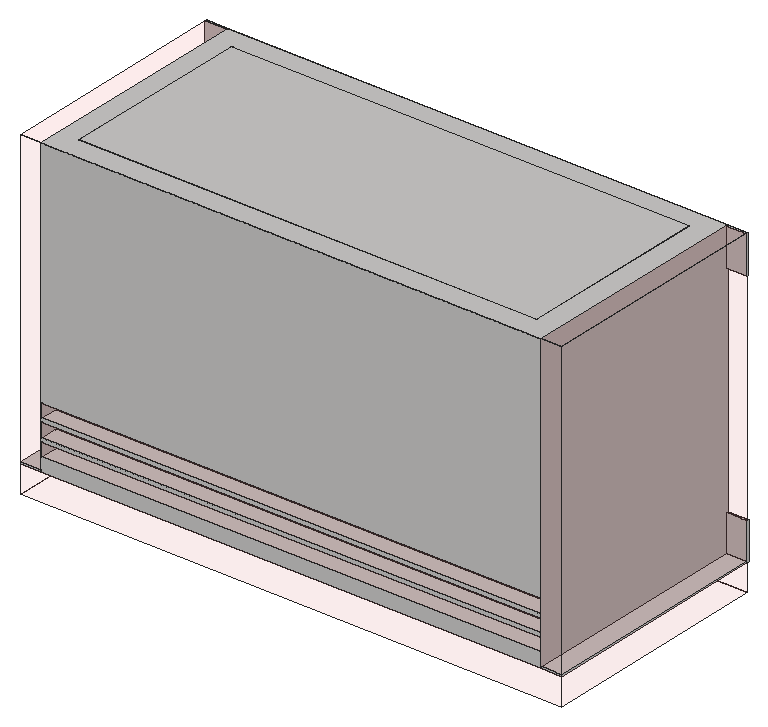
Revit family "Air-Curtain_Industrial_PoweredAire_Unheated", category Mechanical Equipment, host Face, Revit 2022
Family settings
  Host = Face
  Round Connector Dimension = Use Diameter
  Part Type = Normal
  OmniClass Number = 23.75.35.17.21
  OmniClass Title = Air Curtains
  Cut with Voids When Loaded = No
  Maintain Annotation Orientation = No
  Shared = No
  Room Calculation Point = No
Parameters
  topbrackets [instance] = and(Unit Height = 1' 4 3/4", Unit Depth = 1' 9 1/4")  # yes
  Warranty Duration (Years) = 0
  Unit Width Notes = "Other Widths available."  # constant formula
  Unit Width = 3' - 3"
  Unit Weight = 0
  Unit Height = 1' - 4 3/4"
  Unit Depth = 1' - 9 1/4"
  URL = "http://www.poweredaire.com/"
  Test Data = ""
  Standards Conformance = "as Specified"
  Specification = "http://www.arcat.com/sdspecs/htm04/23_34_33pai.htm"
  SpecWizard = ""
  Sound Pressure = "as Specified"
  Sales Information = "http://www.poweredaire.com/contact_us"
  Revision = "R1_2016-08"
  Projection from Host [instance] = 0' - 2"
  Product Properties = ""
  Product Data = "http://www.arcat.com/arcatcos/cos47/arc47623.html"
  Power Rating = 0 W
  Nozzle Width = if(1 = 1, Unit Width - 0' 3", 0' 0")  # 3' - 0"
  Mounting Width = if(1 = 1, Unit Width - 0' 1 1/2", 0' 0")  # 3' - 1 1/2"
  Mounting Height [instance] = 3' - 6"
  Motor RPM = 0
  Motor HP = 0
  Motor Count = 0
  Model = "As Specified"
  Max Height = 0' - 0"
  Manufacturer Website = "http://www.poweredaire.com/"
  Manufacturer Phone - Toll Free = "888-321-2473"
  Manufacturer Phone = "724-588-3305"
  Manufacturer Fax = "724-588-3371"
  Manufacturer Address = "109 Mortensen Rd.  Greenville, PA 16125"
  Manufacturer = "Powered Aire, Inc"
  Maintenance Schedule (Months) = 0
  Keynote = "23 34 33"
  Installation-Fabrication = ""
  Installation Phase = ""
  Include Clearance [instance] = yes
  Heating Element Load = 0 W
  HVAC_Temperature Rise = 0 °F
  HVAC_Outlet Volume = 0 CFM
  HVAC_Outlet Velocity Uniformity = 0
  HVAC_Outlet Velocity = 0 FPM
  Green Building-LEED = "http://www.arcat.com/green/clients/leed_data_47623.html"
  Front Grating Material [instance] = Metal - Steel - PoweredAire - Stainless 304 Perforated
  Frame Finish [instance] = Metal - Steel - PoweredAire - Stainless 304
  Expected Lifespan (Years) = 0
  Electrical_Wattage [instance] = Power Rating + Heating Element Load  # 0 W
  Electrical_Voltage [instance] = 0 V
  Electrical_Phase [instance] = 1
  Electrical_Frequency [instance] = 0 Hz
  Electrical_Amperage [instance] = 0 A
  Drawn By = "Sumex Design, Inc. / Robert S. Weygant, CSI, CDT, SCIP"
  Description = "Powered Aire Air Curtain as Specified"
  Default Elevation = 0' - 0"  # constant formula
  Copyright = "©Arcat Inc."
  Construction Details = "http://www.arcat.com/details/powair/prod3336.html"
  Clearance_Top [instance] = 0' - 0"
  Clearance_Side B [instance] = 0' - 0"
  Clearance_Side A [instance] = 0' - 0"
  Clearance_Intake [instance] = 0' - 0"
  Clearance_Bottom [instance] = 0' - 0"
  Clearance Material [instance] = ARCAT Clearance
  Building Codes = ""
  Available Options [instance] = "as Specified"
  Assembly Code = "D3090400"
Reference planes (in)
  plane 1 "Center (Elevation)": y = 8.51318
  plane 2: z = 0
  plane 3 "Center (Left/Right)": x = 0
  plane 4: y = 16.88818
  plane 5 "BoC": y = 0.13818
  plane 6: x = -19.5
  plane 7: x = 19.5
  plane 8: z = 23.25
  plane 9 "FF": y = -41.86182
  plane 10: z = 2
  plane 11: x = 18
  plane 12: x = -18
  plane 13: y = 16.88818
  plane 14: y = 0.13818
  plane 15: x = -19.5
  plane 16: x = 19.5
  plane 17: z = 23.25
  plane 18: y = 0.13818
  plane 19: x = 17.9375
  plane 20: x = -17.9375
Forms (in)
  Extrusion 1, solid, material "ARCAT Clearance" <- "Clearance Material", visible <- "Include Clearance"
    sketch origin (0, 0, 0) x (0, 1, 0) y (0, 0, 1)
      loop
        line (0.13818, 23.25) -> (0.13818, 0) -> (16.88818, 0) -> (16.88818, 23.25) -> (0.13818, 23.25)
    from -19.5 to 19.5
  Extrusion 2, solid, material "Metal - Steel - PoweredAire - Stainless 304" <- "Frame Finish"
    sketch origin (0, 8.51318, 0) x (1, 0, 0) y (0, 0, 1)
      loop
        line (18, 23.25) -> (-18, 23.25) -> (-18, 2) -> (18, 2) -> (18, 23.25)
    from -8.375 to 8.375
  Extrusion 3, void
    sketch origin (0, 0, 0) x (0, 1, 0) y (0, 0, 1)
      loop
        line (0.13818, 4) -> (0.13818, 3) -> (1.63818, 3) -> (1.63818, 6.5) -> (0.13818, 6.5) -> (0.13818, 5.5) -> (1.38818, 5.5) -> (1.38818, 5.25) -> (0.13818, 5.25) -> (0.13818, 4.25) -> (1.38818, 4.25) -> (1.38818, 4) -> (0.13818, 4)
    from -17.9375 to 17.9375
  Extrusion 4, solid, material "Metal - Steel - PoweredAire - Stainless 304" <- "Frame Finish"
    sketch origin (-15.17702, -180, 2) x (-1, 0, 0) y (0, -1, 0)
      loop
        line (-33.17702, -196.88818) -> (-33.17702, -180.13818) -> (-34.67702, -180.13818) -> (-34.67702, -196.88818) -> (-33.17702, -196.88818)
      loop
        line (2.82298, -196.88818) -> (4.32298, -196.88818) -> (4.32298, -180.13818) -> (2.82298, -180.13818) -> (2.82298, -196.88818)
    from 0 to 0.125
  Extrusion 5, solid, material "Metal - Steel - PoweredAire - Stainless 304" <- "Frame Finish", visible <- "topbrackets"
    sketch origin (-11.83813, 16.88818, 48) x (-1, 0, 0) y (0, 0, 1)
      loop
        line (7.66187, -46) -> (7.66187, -43.25) -> (6.16187, -43.25) -> (6.16187, -46) -> (7.66187, -46)
      loop
        line (-31.33813, -46) -> (-29.83813, -46) -> (-29.83813, -43.25) -> (-31.33813, -43.25) -> (-31.33813, -46)
      loop
        line (7.66187, -27.5) -> (7.66187, -24.75) -> (6.16187, -24.75) -> (6.16187, -27.5) -> (7.66187, -27.5)
      loop
        line (-31.33813, -27.5) -> (-29.83813, -27.5) -> (-29.83813, -24.75) -> (-31.33813, -24.75) -> (-31.33813, -27.5)
    from 0 to -0.125
  Extrusion 6, solid, material "Metal - Steel - PoweredAire - Stainless 304 Perforated" <- "Front Grating Material"
    sketch origin (18, 8.51318, 23.25) x (-1, 0, 0) y (0, -1, 0)
      loop
        line (1.5, -6.875) -> (34.5, -6.875) -> (34.5, 6.875) -> (1.5, 6.875) -> (1.5, -6.875)
    from 0 to 0.03125
Cuts and joins
  Extrusion 3 cuts Extrusion 2
Dimensions and locks (in)
  equal spacing: plane 4, plane 1 "Center (Elevation)", plane 5 "BoC"
  "Unit Height": plane 4 to plane 5 "BoC"
  equal spacing: plane 6, plane 3 "Center (Left/Right)", plane 7
  "Unit Width": plane 6 to plane 7
  "Mounting Height": plane 5 "BoC" to plane 9 "FF"
  "Projection from Host": plane 10 to level
  "Unit Depth": plane 8 to plane 10
  locked: plane 6 to plane 12 at 1.5
  locked: plane 11 to plane 7 at 1.5
  "Clearance_Side A": plane 7 to plane 16
  "Clearance_Side B": plane 15 to plane 6
  "Clearance_Top": plane 13 to plane 4
  "Clearance_Bottom": plane 5 "BoC" to plane 14
  "Clearance_Intake": plane 17 to plane 8
  locked: plane 7 to Extrusion 2 sketch curve at 1.5
  locked: Extrusion 2 sketch curve to plane 6 at 1.5
  locked: plane 18 to plane 5 "BoC" at 0
  Extrusion 5 sketch curve to Extrusion 5 sketch curve to plane 10 = 0' - 2 3/4" locked, 0' - 0" locked  (x2)
  locked: plane 12 to Extrusion 6 sketch curve at 1.5
  locked: Extrusion 6 sketch curve to plane 11 at 1.5
  locked: Extrusion 6 sketch curve to plane 5 "BoC" at 1.5
  locked: plane 20 to plane 12 at 0.0625
  locked: plane 11 to plane 19 at 0.0625
  Extrusion 3 sketch curve to Extrusion 3 sketch curve to Extrusion 3 sketch curve to Extrusion 3 sketch curve to Extrusion 3 sketch curve to Extrusion 3 sketch curve to plane 10 = 0' - 1" locked, 0' - 0 1/4" locked, 0' - 1" locked, 0' - 0 1/4" locked, 0' - 1" locked, 0' - 1" locked
  locked: plane 4 to Extrusion 6 sketch curve at 1.5
  locked: Extrusion 5 sketch curve to Extrusion 5 sketch curve at 2.75  (x2)
  aligned and locked: plane 2 to host face
  aligned and locked: level to host face
  aligned and locked: Extrusion 1 sketch curve to plane 17
  aligned and locked: plane 14 to Extrusion 1 sketch curve
  aligned and locked: level to Extrusion 1 sketch curve
  aligned and locked: Extrusion 1 sketch curve to plane 13
  aligned and locked: plane 16 to Extrusion 1
  aligned and locked: Extrusion 1 to plane 15
  aligned and locked: Extrusion 2 to plane 4
  aligned and locked: Extrusion 2 to plane 18
  aligned and locked: Extrusion 4 sketch curve to plane 4  (x2)
  aligned and locked: Extrusion 2 sketch curve to plane 10
  aligned and locked: Extrusion 3 to plane 20
  aligned and locked: plane 19 to Extrusion 3
  aligned and locked: Extrusion 2 sketch curve to plane 8
  aligned and locked: Extrusion 5 sketch curve to plane 8  (x2)
  aligned and locked: plane 18 to Extrusion 4 sketch curve  (x2)
Automatic sketch dimensions
  host sketch curve to host sketch curve = 8' - 0"  (x2)
  Extrusion 4 sketch curve to plane 7 = 0' - 0"
  Extrusion 4 sketch curve to plane 11 = 0' - 0"
  Extrusion 4 sketch curve to plane 12 = 0' - 0"
  Extrusion 4 sketch curve to plane 6 = 0' - 0"
  Extrusion 3 sketch curve to plane 5 "BoC" = 0' - 0"  (x3)
  plane 18 to Extrusion 3 sketch curve = 0' - 1 1/4"
  Extrusion 3 sketch curve to Extrusion 3 sketch curve = 0' - 0"
  Extrusion 3 sketch curve to Extrusion 3 sketch curve = 0' - 0 1/4"
  Extrusion 5 sketch curve to plane 7 = 0' - 0"  (x2)
  Extrusion 5 sketch curve to plane 11 = 0' - 0"  (x2)
  Extrusion 5 sketch curve to plane 12 = 0' - 0"  (x2)
  Extrusion 5 sketch curve to plane 6 = 0' - 0"  (x2)
Connectors (in)
  electrical at (-18, 8.51318, 12.625), driven by "Electrical_Voltage", driven by "Electrical_Phase"
    settings: on cut or joined group of Extrusion 2, Extrusion 3, index 1, voltage 0 V, apparent load 0 VA, apparent load phase1 0 VA, apparent load phase2 0 VA, apparent load phase3 0 VA, power factor 1, load classification "Other", number of poles 1, system type 31, power factor state 1, is connector primary yes, connector utility no, sub classification motor no, connector description ""
